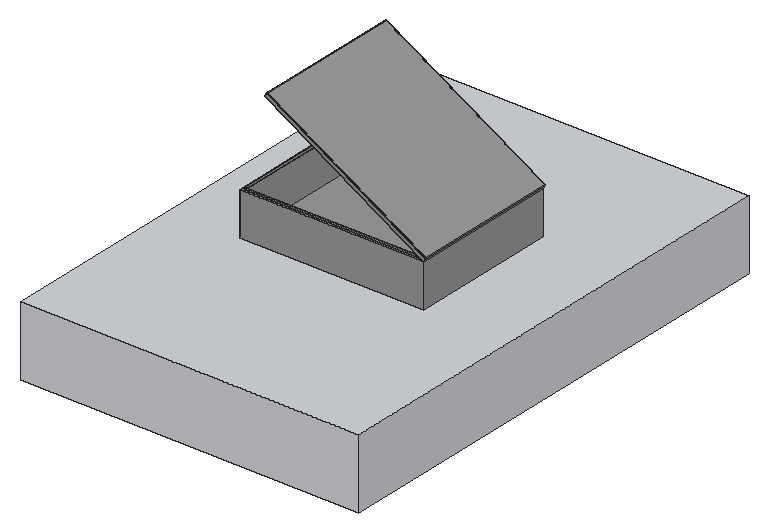
Revit family "Hager-Univers-IP44-D205-H650-Cl.II-Encl-CH-it", category Equipement électrique, Revit 2020
Family settings
  Hôte = Face
  Configuration du panneau = Deux colonnes, circuits au sein
  Cote de connecteur circulaire = Utiliser le diamètre
  Type d'élément = Tableau de raccordement
  Couper avec des vides une fois chargée = Non
  Partagée = Non
  Point de calcul de pièce = Non
Parameters (values of type "A parete IP44 L800 A650 P205  - FP43QS")
  Width Control [instance] = if([EF000008 - Larghezza] > Min Width, [EF000008 - Larghezza], Min Width)  # 800 mm
  Commentaires du type = [HG000003 - Gamma]  # "Univers"
  Thickness Door [instance] = if([EF009171 - spessore materiale porta/coperchio] > 3 mm, 3 mm, [EF009171 - spessore materiale porta/coperchio])  # 1 mm
  Seal Frame Offset [instance] = 17 mm  # constant formula
  Plinth Visibility [instance] = [HG000027 - Altezza dello zoccolo] > 0 mm  # no
  Model = ""
  Min Width [instance] = 100 mm  # constant formula
  Min Height [instance] = 100 mm  # constant formula
  Min Depth [instance] = (2 * [EF009170 - spessore materiale scatola]) + 1 mm  # 3 mm
  Internal Frame Depth [instance] = (Door System Depth * 0.5)  # 9 mm
  Height Control [instance] = if([EF000040 - Altezza] > Min Height, [EF000040 - Altezza], Min Height)  # 650 mm
  HG000027 - Altezza dello zoccolo = 0 mm
  HG000026 - A pavimento = no
  HG000024 - Altezza della sezione inferiore = 800 mm
  HG000023 - Custodia a doppia sezione = no
  HG000016 - Visibilità delle porte nella vista 3D [instance] = yes
  HG000015 - Visibilità attraverso la porta [instance] = no
  HG000014 - Porta destra [instance] = yes
  HG000013 - Porta sinistra [instance] = not([HG000014 - Porta destra])  # no
  HG000012 - Angolo di apertura della porta [instance] = 30.00°
  HG000010 - Porte asimmetriche = no
  HG000009 - Porta doppia a battente = no
  HG000006 - Ad incasso = no
  HG000004 - Codice produttore = "FP43QS"
  HG000003 - Gamma = "Univers"
  HG000002 - Con porta = yes
  Frame Offset Bottom [instance] = 10 mm  # constant formula
  Frame Offset [instance] = 15 mm  # constant formula
  EF015940 - Coprire con rilascio di sovrapressione = no
  EF011959 - tipo di protezione (NEMA) = ""
  EF009554 - numero delle aperture per la piastra della flangia = 6
  Fabricant = "Hager"  # constant formula
  EF009212 - esecuzione coperchio = "EV000116 - chiuso"
  EF009171 - spessore materiale porta/coperchio = 1 mm
  EF009170 - spessore materiale scatola = 1 mm
  EF008873 - corrente nominale (In) = 250 A
  EF007800 - adatto per parafulmine = no
  EF006306 - con serratura = no
  EF006244 - coperchio/porta trasparente = no
  EF005474 - grado di protezione (IP) = "EV006418 - IP44"
  EF004464 - tipo di porta = "EV002646 - singolo"
  EF004427 - numero di moduli = 144
  EF004293 - resistenza agli urti = "EV006815 - IK09"
  EF003532 - adatto per uso esterno = no
  EF002950 - Numero moduli DIN = 36
  EF001613 - Integrità del circuito = "EV000494 - senza"
  EF001596 - Attacco Lampada = "EV000179 - acciaio"
  EF001131 - profondità interna = 143 mm
  EF001088 - possibilità di applicazione = yes
  EF000437 - numero di ingressi per conduttori = 6
  EF000339 - tipo di copertura = "EV001012 - coperchio"
  EF000266 - numero di file = 4
  EF000218 - profondità di incasso = 0 mm
  EF000118 - con piastra di montaggio = no
  EF000116 - numero RAL = "9010"
  EF000049 - profondità = 205 mm
  EF000040 - Altezza = 650 mm
  EF000008 - Larghezza = 800 mm
  EF000007 - colore = "EV000202 - bianco"
  EF000003 - Tipo di montaggio = "EV000384 - A parete"
  Door System Leaf Tolerance [instance] = 1.5 mm  # constant formula
  Door System Depth [instance] = 18 mm  # constant formula
  Door Height [instance] = Height Control - [HG000027 - Altezza dello zoccolo]  # 650 mm
  Depth Control [instance] = if([EF000049 - profondità] > Min Depth, [EF000049 - profondità], Min Depth)  # 205 mm
  Default Elevation = 0 mm
  Connector Offset [instance] = Height Control / 2  # 325 mm
  Bottom Top Plate Trim [instance] = 1.5 mm  # constant formula
  Plinth height Ctrl [instance] = if([HG000027 - Altezza dello zoccolo] > 0 mm, [HG000027 - Altezza dello zoccolo], 12 mm)  # 12 mm
Types (5, lengths in mm): name | Width Control | HG000009 - Porta doppia a battente | HG000004 - Codice produttore | EF009554 - numero delle aperture per la piastra della flangia | EF004464 - tipo di porta | EF004427 - numero di moduli | EF002950 - Numero moduli DIN | EF000437 - numero di ingressi per conduttori | EF000008 - Larghezza
  A parete IP44 L1050 A650 P205  - FP44QS | 1050 | yes | "FP44QS" | 8 | "EV003602 - doppio" | 192 | 48 | 8 | 1050
  A parete IP44 L1300 A650 P205  - FP45QS | 1300 | yes | "FP45QS" | 10 | "EV003602 - doppio" | 240 | 60 | 10 | 1300
  A parete IP44 L300 A650 P205  - FP41QS | 300 | no | "FP41QS" | 2 | "EV002646 - singolo" | 48 | 12 | 2 | 300
  A parete IP44 L550 A650 P205  - FP42QS | 550 | no | "FP42QS" | 4 | "EV002646 - singolo" | 96 | 24 | 4 | 550
  A parete IP44 L800 A650 P205  - FP43QS | 800 | no | "FP43QS" | 6 | "EV002646 - singolo" | 144 | 36 | 6 | 800
Reference planes
  plane 1 "Center (Front/Back)": y = 0
  plane 2: z = 0
  plane 3 "Center (Left/Right)": x = 0
  plane 4: z = 205
  plane 5: y = 1
  plane 6: y = 325
  plane 7: y = 0
  plane 8: y = 650
  plane 9: z = 0
  plane 10: x = -385
  plane 11: x = 385
  plane 12: x = 384
  plane 13: x = -384
  plane 14: y = 649
  plane 15: x = -383
  plane 16: x = -400
  plane 17: x = 383
  plane 18: x = 400
  plane 19: x = 399
  plane 20: x = -399
  plane 21: y = 11
  plane 22: y = 650
  plane 23: y = 634
  plane 24: z = 187
  plane 25: z = 1
  plane 26: z = 186
  plane 27: z = 204
Forms (mm)
  Extrusion 1, solid
    sketch origin (0, 0, 0) x (1, 0, 0) y (0, 1, 0)
      loop
        line (-702.964, 1305) -> (-702.964, -811.445) -> (766.763, -811.445) -> (766.763, 1305) -> (-702.964, 1305)
    from 0 to -304.8
  Extrusion 2, solid, material "Hager_Steel_RAL7035_Light_Grey", visible <- "Plinth Visibility", detail levels medium+fine
    sketch origin (0, 0, 0) x (1, 0, 0) y (0, 1, 0)
      loop
        line (-400, 0) -> (400, 0) -> (400, 12) -> (-400, 12) -> (-400, 0)
    from 0 to 187
  Extrusion 3, solid, material "Hager_Steel_RAL7035_Light_Grey", detail levels medium+fine
    sketch origin (0, 0, 0) x (1, 0, 0) y (0, 1, 0)
      loop
        line (-400, 0) -> (400, 0) -> (400, 650) -> (-400, 650) -> (-400, 0)
    from 0 to 187
  Extrusion 4, void
    sketch origin (0, 0, 0) x (1, 0, 0) y (0, 1, 0)
      loop
        line (-399, 1) -> (399, 1) -> (399, 649) -> (-399, 649) -> (-399, 1)
    from 1 to 186
  Extrusion 5, void
    sketch origin (-381.607, -4572, 187) x (0, -1, 0) y (-1, 0, 0)
      loop
        line (-4583, 2.393) -> (-5206, 2.393) -> (-5206, -765.607) -> (-4583, -765.607) -> (-4583, 2.393)
    from 0 to 1 <- "EF009170 - spessore materiale scatola"
  Extrusion 6, solid, material "Hager_Steel_RAL7035_Light_Grey", detail levels fine
    sketch origin (0, 0, 187) x (1, 0, 0) y (0, 1, 0)
      loop
        line (-384, 634) -> (-384, 11) -> (384, 11) -> (384, 634) -> (-384, 634)
      loop
        line (-385, 10) -> (385, 10) -> (385, 635) -> (-385, 635) -> (-385, 10)
    from 0 to 9 <- "Internal Frame Depth"
  Extrusion 7, solid, material "Hager_Steel_RAL7035_Light_Grey", detail levels coarse
    sketch origin (0, 0, 0) x (1, 0, 0) y (0, 1, 0)
      loop
        line (-400, 0) -> (400, 0) -> (400, 650) -> (-400, 650) -> (-400, 0)
    from 0 to 205
  Sweep 8, void
    path in 3D
      loop
        line (-400, 12, 0) -> (400, 12, 0) -> (400, 12, 187) -> (-400, 12, 187) -> (-400, 12, 0)
    profile origin (-400, 12, 93.5) x (-1, 0, 0) y (0, -1, 0)
      loop
        line (0, 0) -> (0, 1.5) -> (-1.5, 1.5)
        arc (-1.5, 1.5) -> (-1.061, 0.439) -> (0, 0) r 1.5
Cuts and joins
  Extrusion 4, Extrusion 5 cuts Extrusion 3
  Sweep 8 cuts Extrusion 2
Lines and regions (mm)
  Masking region 1
    outline origin (0, 0, 0) x (1, 0, 0) y (0, 0, 1)
      loop
        line (-400, 205) -> (-400, 0) -> (400, 0) -> (400, 205) -> (-400, 205)
  Masking region 2, detail levels medium+fine
    outline origin (0, 140, 0) x (0, 1, 0) y (0, 0, 1)
      loop
        line (-140, 0) -> (510, 0) -> (510, 187) -> (-140, 187) -> (-140, 0)
  Masking region 3, not visible, detail levels medium+fine
    outline origin (0, 297.922, 0) x (0, 1, 0) y (0, 0, 1)
      loop
        line (38.578, 0) -> (78.578, 0) -> (78.578, 194)
        arc (78.578, 194) -> (75.649, 201.071) -> (68.578, 204) r 10
        line (68.578, 204) -> (38.578, 204) -> (38.578, 0)
  Masking region 4, detail levels coarse
    outline origin (0, 0, 180) x (0, 1, 0) y (0, 0, 1)
      loop
        line (0, -180) -> (650, -180) -> (650, 25) -> (0, 25) -> (0, -180)
  Masking region 5, visible <- "Plinth Visibility", detail levels medium+fine
    outline origin (0, 52.24, 12.345) x (0, 0, -1) y (0, 1, 0)
      loop
        line (10.845, -40.24) -> (-173.155, -40.24)
        arc (-173.155, -40.24) -> (-173.594, -41.301) -> (-174.655, -41.74) r 1.5
        line (-174.655, -41.74) -> (-174.655, -52.24) -> (12.345, -52.24) -> (12.345, -41.74)
        arc (12.345, -41.74) -> (11.285, -41.301) -> (10.845, -40.24) r 1.5
  Masking region 6, detail levels medium+fine
    outline origin (-381.607, -4572, 187) x (-1, 0, 0) y (0, -1, 0)
      loop
        line (18.393, -5222) -> (18.393, -4572) -> (-781.607, -4572) -> (-781.607, -5222) -> (18.393, -5222)
  Masking region 7, visible <- "Plinth Visibility", detail levels medium+fine
    outline origin (-381.607, -4727, 187) x (-1, 0, 0) y (0, -1, 0)
      loop
        arc (16.893, -4739) -> (17.332, -4737.939) -> (18.393, -4737.5) r 1.5
        line (18.393, -4737.5) -> (18.393, -4727) -> (-781.607, -4727) -> (-781.607, -4737.5)
        arc (-781.607, -4737.5) -> (-780.546, -4737.939) -> (-780.107, -4739) r 1.5
        line (-780.107, -4739) -> (16.893, -4739)
  Masking region 8, detail levels coarse
    outline origin (-442.548, -4669.526, 187) x (-1, 0, 0) y (0, -1, 0)
      loop
        line (-42.548, -5319.526) -> (-42.548, -4669.526) -> (-842.548, -4669.526) -> (-842.548, -5319.526) -> (-42.548, -5319.526)
  sketch lines
    curve 1: line (-400, 12, 187) -> (-400, 12, 0)
    curve 2: line (400, 12, 187) -> (-400, 12, 187)
    curve 3: line (400, 12, 187) -> (400, 12, 0)
    curve 4: line (-400, 12, 0) -> (400, 12, 0)
Dimensions and locks
  "Depth Control": plane 4 to Extrusion 1
  "HG000027 - Altezza dello zoccolo": plane 1 "Center (Front/Back)" to plane 7
  "EF009170 - spessore materiale scatola": plane 5 to plane 7
  locked: connector elem to plane 3 "Center (Left/Right)"
  equal spacing: plane 8, plane 6, plane 7
  locked: connector elem to plane 6
  "EF009170 - spessore materiale scatola": plane 8 to plane 14
  "EF009170 - spessore materiale scatola": plane 10 to plane 13
  "EF009170 - spessore materiale scatola": plane 12 to plane 11
  "Frame Offset": plane 20 to plane 13
  "Frame Offset": plane 12 to plane 19
  "EF009170 - spessore materiale scatola": plane 16 to plane 20
  "EF009170 - spessore materiale scatola": plane 19 to plane 18
  "Seal Frame Offset": plane 16 to plane 15
  "Seal Frame Offset": plane 17 to plane 18
  "Frame Offset Bottom": plane 21 to plane 5
  "Frame Offset": plane 14 to plane 23
  equal spacing: plane 16, plane 3 "Center (Left/Right)", plane 18
  "Width Control": plane 16 to plane 18
  "EF009170 - spessore materiale scatola": plane 4 to plane 27
  "EF009170 - spessore materiale scatola": plane 24 to plane 26
  "EF009170 - spessore materiale scatola": plane 25 to level
  "Door System Depth": plane 4 to plane 24
  "Height Control": plane 1 "Center (Front/Back)" to Extrusion 7 sketch curve
  "Height Control": Masking region 4 sketch curve to plane 1 "Center (Front/Back)"
  "Height Control": plane 1 "Center (Front/Back)" to plane 22
  "Bottom Top Plate Trim": profile plane to Sweep 8 sketch curve
  "Bottom Top Plate Trim": Sweep 8 sketch curve to profile plane
  "Plinth height Ctrl": plane 1 "Center (Front/Back)" to Extrusion 2 sketch curve
  "Plinth height Ctrl": Masking region 5 sketch curve to plane 1 "Center (Front/Back)"
  "Plinth height Ctrl": plane 1 "Center (Front/Back)" to Masking region 7 sketch curve
  "Thickness Door": Extrusion 6 sketch curve to Extrusion 6 sketch curve  (x3)
  "Thickness Door": cut or joined group of Extrusion 3, Extrusion 4, Extrusion 5 to Extrusion 6 sketch curve
  radius of Masking region 3 sketch curve = 10 mm
  "Bottom Top Plate Trim": radius of Masking region 5 sketch curve  (x2)
  "Bottom Top Plate Trim": radius of Sweep 8 sketch curve
  "Bottom Top Plate Trim": radius of Masking region 7 sketch curve  (x2)
  aligned and locked: plane 2 to Extrusion 1
  aligned and locked: level to Extrusion 1
  aligned and locked: level to Masking region 1 sketch curve
  aligned and locked: Masking region 1 sketch curve to plane 18
  aligned and locked: Masking region 1 sketch curve to plane 16
  aligned and locked: plane 7 to Masking region 2 sketch curve
  aligned and locked: level to Masking region 3 sketch curve
  aligned and locked: Masking region 3 sketch curve to plane 27
  aligned and locked: level to Masking region 2 sketch curve
  aligned and locked: plane 1 "Center (Front/Back)" to Extrusion 2 sketch curve
  aligned and locked: Extrusion 3 sketch curve to plane 7
  aligned and locked: plane 16 to Extrusion 3 sketch curve
  aligned and locked: plane 18 to Extrusion 3 sketch curve
  aligned and locked: plane 20 to Extrusion 4 sketch curve
  aligned and locked: plane 19 to Extrusion 4 sketch curve
  aligned and locked: Extrusion 4 sketch curve to plane 5
  aligned and locked: Extrusion 4 to plane 25
  aligned and locked: plane 26 to Extrusion 4
  aligned and locked: plane 24 to Extrusion 3
  aligned and locked: Extrusion 5 sketch curve to plane 21
  aligned and locked: Extrusion 5 sketch curve to plane 13
  aligned and locked: Extrusion 5 sketch curve to plane 12
  aligned and locked: plane 18 to Extrusion 7 sketch curve
  aligned and locked: plane 1 "Center (Front/Back)" to Extrusion 7 sketch curve
  aligned and locked: plane 16 to Extrusion 7 sketch curve
  aligned and locked: plane 4 to Extrusion 7
  aligned and locked: Extrusion 7 to level
  aligned and locked: level to Masking region 4 sketch curve
  aligned and locked: Masking region 4 sketch curve to plane 1 "Center (Front/Back)"
  aligned and locked: Masking region 4 sketch curve to plane 4
  aligned and locked: nested 1 to level
  aligned and locked: nested 1 to plane 16
  aligned and locked: plane 8 to Extrusion 3 sketch curve
  aligned and locked: plane 23 to Extrusion 5 sketch curve
  aligned and locked: plane 14 to Extrusion 4 sketch curve
  aligned and locked: Masking region 2 sketch curve to plane 8
  aligned and locked: level to Masking region 5 sketch curve
  aligned and locked: plane 16 to Extrusion 2 sketch curve
  aligned and locked: plane 18 to Extrusion 2 sketch curve
  aligned and locked: Masking region 5 sketch curve to plane 24
  aligned and locked: Masking region 2 sketch curve to plane 24
  aligned and locked: plane 24 to Extrusion 2
  aligned and locked: profile plane to Sweep 8 sketch curve  (x2)
  aligned and locked: Masking region 6 sketch curve to plane 18
  aligned and locked: Masking region 6 sketch curve to plane 22
  aligned and locked: Masking region 6 sketch curve to plane 16
  aligned and locked: plane 8 to plane 22
  aligned and locked: Masking region 6 sketch curve to plane 7
  aligned and locked: Masking region 7 sketch curve to plane 16
  aligned and locked: Masking region 7 sketch curve to plane 1 "Center (Front/Back)"
  aligned and locked: Masking region 7 sketch curve to plane 18
  aligned and locked: Masking region 8 sketch curve to plane 1 "Center (Front/Back)"
  aligned and locked: Masking region 8 sketch curve to plane 18
  aligned and locked: Masking region 8 sketch curve to plane 22
  aligned and locked: Masking region 8 sketch curve to plane 16
  aligned and locked: nested 2 to plane 7
  aligned and locked: plane 3 "Center (Left/Right)" to nested 2
  aligned and locked: nested 2 to plane 24
  aligned and locked: Extrusion 6 sketch curve to cut or joined group of Extrusion 3, Extrusion 4, Extrusion 5  (x4)
Automatic sketch dimensions
  Extrusion 1 sketch curve to Extrusion 1 sketch curve = 1469.727 mm
  Extrusion 1 sketch curve to Extrusion 1 sketch curve = 2116.445 mm
  Masking region 1 sketch curve to plane 4 = 0 mm
  plane 6 to Masking region 3 sketch curve = 11.5 mm
  Masking region 3 sketch curve to Masking region 3 sketch curve = 30 mm
  Masking region 5 sketch curve to plane 1 "Center (Front/Back)" = 0 mm
Nested families
  nested 1: "Hager_Enclosure_Symbol" at (-400, 0, 0) x (1, 0, 0) z (0, -1, 0), Height <- "Depth Control", Width <- "Width Control", type "Hager_Enclosure_Symbol"
    with Width_Ctrl 800 mm, Width 800 mm, Height_Ctrl 205 mm, Height 205 mm, A_Width_Int 13.453 mm, A_Width 161.438 mm, A_Height_Ctrl 179.375 mm, A_Height 179.375 mm
  nested 2: "EC000058_Univers_Door" at (0, 0, 187) x (1, 0, 0) z (0, 1, 0), Leaf_Tolerance <- "Door System Leaf Tolerance", Angle <- "HG000012 - Angolo di apertura della porta", Door_Depth <- "Door System Depth", Door_Left <- "HG000013 - Porta sinistra", Transparent <- "EF006244 - coperchio/porta trasparente", Assymetrical <- "HG000010 - Porte asimmetriche", Width <- "Width Control", Clearance <- "HG000015 - Visibilità attraverso la porta", Double <- "HG000009 - Porta doppia a battente", 3d_Door <- "HG000016 - Visibilità delle porte nella vista 3D", Lock_Visibility <- "EF006306 - con serratura", Width_Ctrl <- "Width Control", Door_Right <- "HG000014 - Porta destra", Door <- "HG000002 - Con porta", Height <- "Door Height", Thickness <- "Thickness Door", type "EC000058_Univers_Door", detail levels medium+fine
    with min_wh 3 mm, Width_Ctrl 800 mm, Width 800 mm, Transparent no, Thickness 1 mm, Seal_Material Hager_Rubber, Lock_Visibility no, Lock_Material Hager_Plastic_RAL9005_Jet_Black, Leaf_Width 800 mm, Leaf_Tolerance_External_Sides 0 mm, Leaf_Tolerance 1.5 mm, Leaf_Offset 0 mm, Leaf_Height 647 mm, Leaf_2_Width 800 mm, Leaf_2_Offset 400 mm, Leaf_1_Width 800 mm, Leaf_1_Offset 400 mm, Height_Ctrl 650 mm, Height 650 mm, Glass_Material Hager_Glass, Double_Clearance_Ctrl no, Double no, Door_Right_Ctrl yes, Door_Right yes, Door_Material Hager_Steel_RAL7035_Light_Grey, Door_Left_Ctrl no, Door_Left no, Door_Depth 18 mm, Door yes, Clearance_Material Hager_Clearance, Clearance_Depth 800 mm, Clearance_Ctrl no, Clearance no, Assymetrical no, Angle 30.00°, 3d_Door yes
Connectors
  electrical at (0, 325, 0)
    settings: on plane 9, index 1, voltage 0 V, apparent load 0 VA, apparent load phase1 0 VA, apparent load phase2 0 VA, apparent load phase3 0 VA, power factor 1, load classification "Other", number of poles 1, system type 30, power factor state 1, is connector primary yes, connector utility no, sub classification motor no, connector description ""
Definition of nested family "EC000058_Univers_Door"
  Parameters (values of type "EC000058_Univers_Door")
    min_wh [instance] = (2 * Thickness) + 1 mm  # 11 mm
    Width_Ctrl [instance] = 400 mm
    Width [instance] = 500 mm
    Transparent [instance] = yes
    Thickness [instance] = 5 mm
    Seal_Material [instance] = none
    Lock_Visibility [instance] = yes
    Lock_Material [instance] = none
    Leaf_Width [instance] = if((Width_Ctrl - 2 * Leaf_Tolerance_External_Sides) > 0 mm, (Width_Ctrl - 2 * Leaf_Tolerance_External_Sides), min_wh)  # 400 mm
    Leaf_Tolerance_External_Sides [instance] = 0 mm  # constant formula
    Leaf_Tolerance [instance] = 1.5 mm
    Leaf_Offset [instance] = 0 mm  # constant formula
    Leaf_Height [instance] = if((Height_Ctrl - 2 * Leaf_Tolerance) > 0 mm, (Height_Ctrl - 2 * Leaf_Tolerance), min_wh)  # 497 mm
    Leaf_2_Width [instance] = if(and(and(Double, Assymetrical), Door_Left), (Leaf_Width / 3) - (Leaf_Tolerance / 2), if(and(and(Double, Assymetrical), Door_Right), (Leaf_Width / 3) * 2 - (Leaf_Tolerance / 2), if(and(Double, not(Assymetrical)), (Leaf_Width / 2) - Leaf_Tolerance, Leaf_Width)))  # 400 mm
    Leaf_2_Offset [instance] = if(and(Double, Assymetrical), Leaf_2_Width / 2, if(and(Double, not(Assymetrical)), Leaf_Width / 4, Leaf_Width / 2))  # 200 mm
    Leaf_1_Width [instance] = if(and(and(Double, Assymetrical), Door_Right), (Leaf_Width / 3) - (Leaf_Tolerance / 2), if(and(and(Double, Assymetrical), Door_Left), (Width / 3) * 2 - (Leaf_Tolerance / 2), if(and(Double, not(Assymetrical)), (Leaf_Width / 2) - Leaf_Tolerance, Leaf_Width)))  # 400 mm
    Leaf_1_Offset [instance] = if(and(Double, Assymetrical), Leaf_1_Width / 2, if(and(Double, not(Assymetrical)), Leaf_Width / 4, Leaf_Width / 2))  # 200 mm
    Height_Ctrl [instance] = if(Height > min_wh, Height, min_wh)  # 500 mm
    Height [instance] = 500 mm
    Glass_Material [instance] = none
    Double_Clearance_Ctrl [instance] = and(Double, Clearance)  # no
    Double [instance] = no
    Door_Right_Ctrl [instance] = and(or(Door_Right, Double), Door)  # yes
    Door_Right [instance] = yes
    Door_Material [instance] = none
    Door_Left_Ctrl [instance] = and(or(Door_Left, Double), Door)  # no
    Door_Left [instance] = no
    Door_Depth [instance] = 30 mm
    Door [instance] = yes
    Default Elevation = 1219.2 mm
    Clearance_Material [instance] = none
    Clearance_Depth [instance] = if(Leaf_1_Width > Leaf_2_Width, Leaf_1_Width, Leaf_2_Width)  # 400 mm
    Clearance_Ctrl [instance] = and(not(Double), Clearance)  # yes
    Clearance [instance] = yes
    Assymetrical [instance] = yes
    Angle [instance] = 30.00°
    3d_Door [instance] = yes
  Reference planes
    plane 1 "Center (Front/Back)": y = 0
    plane 2 "Bottom": z = 0
    plane 3 "Center (Left/Right)": x = 0
    plane 4: z = 500
    plane 5: x = -200
    plane 6: x = 200
    plane 7: z = 500
    plane 8: x = -200
    plane 9: z = 0
    plane 10: x = 200
    plane 11: y = 0
    plane 12: z = 1.5
    plane 13: x = -600
    plane 14: y = -400
    plane 15: x = 600
    plane 16: x = 0
    plane 17: x = 0
    plane 18: x = -200
    plane 19: x = 200
    plane 20: z = 498.5
  Forms (mm)
    Extrusion 1, solid, material <- "Clearance_Material", visible <- "Double_Clearance_Ctrl"
      sketch origin (1200, 0, 0) x (1, 0, 0) y (0, 0, -1)
        loop
          line (-1800, -498.5) -> (-600, -498.5) -> (-600, 0) -> (-1800, 0) -> (-1800, -498.5)
      from 0 to -400
  Dimensions and locks
    equal spacing: plane 5, plane 3 "Center (Left/Right)", plane 6
    "Width_Ctrl": plane 5 to plane 6
    "Leaf_Offset": plane 5 to plane 8
    "Leaf_Offset": plane 6 to plane 10
    "Leaf_Offset": plane 9 to level
    "Leaf_Offset": plane 4 to plane 7
    "Height_Ctrl": plane 4 to level
    "Leaf_Tolerance": plane 12 to plane 9
    locked: plane 11 to plane 1 "Center (Front/Back)"
    "Leaf_1_Offset": plane 18 to plane 16
    "Leaf_2_Offset": plane 17 to plane 19
    "Leaf_1_Width": plane 13 to plane 8
    "Leaf_2_Width": plane 10 to plane 15
    "Clearance_Depth": plane 14 to plane 1 "Center (Front/Back)"
    "Leaf_Tolerance_External_Sides": plane 8 to plane 18
    "Leaf_Tolerance_External_Sides": plane 19 to plane 10
    "Leaf_Tolerance": plane 7 to plane 20
    aligned and locked: level to plane 2 "Bottom"
    aligned and locked: nested 1 to plane 16
    aligned and locked: nested 2 to plane 17
    aligned and locked: Extrusion 1 to plane 13
    aligned and locked: plane 15 to Extrusion 1
    aligned and locked: Extrusion 1 to plane 14
    aligned and locked: plane 12 to nested 1
    aligned and locked: nested 2 to plane 12
    aligned and locked: Extrusion 1 to plane 11
    aligned and locked: plane 20 to Extrusion 1
    aligned and locked: nested 2 to plane 11
    aligned and locked: nested 1 to plane 11
  Automatic sketch dimensions
    Extrusion 1 sketch curve to level = 0 mm
    plane 5 to Extrusion 1 sketch curve = 400 mm
    plane 6 to Extrusion 1 sketch curve = 400 mm
    Extrusion 1 sketch curve to plane 4 = 1.5 mm
  Nested families
    nested 1: "EC000058_Univers_Door_Leaf" at (0, 0, 1.5), Width <- "Leaf_1_Width", visible <- "Door_Left_Ctrl", Leaf_Height <- "Leaf_Height", Angle <- "Angle", 3d_Door <- "3d_Door", Transparent <- "Transparent", Clearance Material <- "Clearance_Material", Clearance <- "Clearance_Ctrl", Door_Material <- "Door_Material", Glass_Material <- "Glass_Material", Door_Depth <- "Door_Depth", Lock_Material <- "Lock_Material", Seal_Material <- "Seal_Material", Lock_Visibility <- "Lock_Visibility", Thickness <- "Thickness", type "EC000058_Univers_Door_Leaf"
      with Width 400 mm, Transparent_Glass_Offset 30 mm, Transparent_Ctrl yes, Transparent yes, Thickness 5 mm, Standard no, Seal_Material none, Seal_D2 8 mm, Seal_D1 1 mm, Offset_Internal_Frame 10 mm, Lock_Width 20 mm, Lock_Visibility_3d yes, Lock_Visibility yes, Lock_Thickness_3 3 mm, Lock_Thickness_2 1 mm, Lock_Thickness_1 3 mm, Lock_Radius_Offset_2 16 mm, Lock_Radius_Offset_1 15 mm, Lock_Radius_2 5 mm, Lock_Radius 6 mm, Lock_Offset 5 mm, Lock_Material none, Lock_Height 80 mm, Lock_Cover_Top_Offset_2d 17 mm, Lock_Cover_Height -65 mm, Leaf_Height 497 mm, Internal_Seal_Thickness 8 mm, Internal_Seal_Depth_2 4.5 mm, Internal_Frame_Depth 25 mm, Glass_Thickness -1 mm, Glass_Offset -2 mm, Glass_Material none, Door_Material none, Door_Depth 30 mm, Clearance Material none, Clearance yes, Angle_Ctrl 30.00°, Angle 30.00°, 3d_Door yes
    nested 2: "EC000058_Univers_Door_Leaf" at (0, 0, 1.5) x (-1, 0, 0) z (0, 0, 1), Width <- "Leaf_2_Width", visible <- "Door_Right_Ctrl", Leaf_Height <- "Leaf_Height", Angle <- "Angle", 3d_Door <- "3d_Door", Transparent <- "Transparent", Clearance Material <- "Clearance_Material", Clearance <- "Clearance_Ctrl", Door_Material <- "Door_Material", Glass_Material <- "Glass_Material", Door_Depth <- "Door_Depth", Lock_Material <- "Lock_Material", Seal_Material <- "Seal_Material", Lock_Visibility <- "Lock_Visibility", Thickness <- "Thickness", type "EC000058_Univers_Door_Leaf"
      with Width 400 mm, Transparent_Glass_Offset 30 mm, Transparent_Ctrl yes, Transparent yes, Thickness 5 mm, Standard no, Seal_Material none, Seal_D2 8 mm, Seal_D1 1 mm, Offset_Internal_Frame 10 mm, Lock_Width 20 mm, Lock_Visibility_3d yes, Lock_Visibility yes, Lock_Thickness_3 3 mm, Lock_Thickness_2 1 mm, Lock_Thickness_1 3 mm, Lock_Radius_Offset_2 16 mm, Lock_Radius_Offset_1 15 mm, Lock_Radius_2 5 mm, Lock_Radius 6 mm, Lock_Offset 5 mm, Lock_Material none, Lock_Height 80 mm, Lock_Cover_Top_Offset_2d 17 mm, Lock_Cover_Height -65 mm, Leaf_Height 497 mm, Internal_Seal_Thickness 8 mm, Internal_Seal_Depth_2 4.5 mm, Internal_Frame_Depth 25 mm, Glass_Thickness -1 mm, Glass_Offset -2 mm, Glass_Material none, Door_Material none, Door_Depth 30 mm, Clearance Material none, Clearance yes, Angle_Ctrl 30.00°, Angle 30.00°, 3d_Door yes
  Definition of nested family "EC000058_Univers_Door_Leaf"
    Parameters (values of type "EC000058_Univers_Door_Leaf")
      Width [instance] = 2000 mm
      Transparent_Glass_Offset [instance] = 30 mm
      Transparent_Ctrl [instance] = and(Transparent, [3d_Door])  # yes
      Transparent [instance] = yes
      Thickness [instance] = 5 mm
      Standard [instance] = and(not(Transparent), [3d_Door])  # no
      Seal_Material [instance] = none
      Seal_D2 [instance] = 8 mm  # constant formula
      Seal_D1 [instance] = 1 mm  # constant formula
      Offset_Internal_Frame [instance] = 10 mm  # constant formula
      Lock_Width [instance] = 20 mm  # constant formula
      Lock_Visibility_3d [instance] = and(Lock_Visibility, [3d_Door])  # yes
      Lock_Visibility [instance] = yes
      Lock_Thickness_3 [instance] = 3 mm  # constant formula
      Lock_Thickness_2 [instance] = 1 mm  # constant formula
      Lock_Thickness_1 [instance] = 3 mm  # constant formula
      Lock_Radius_Offset_2 [instance] = Lock_Radius_Offset_1 + 1 mm  # 16 mm
      Lock_Radius_Offset_1 [instance] = 15 mm  # constant formula
      Lock_Radius_2 [instance] = Lock_Radius - 1 mm  # 5 mm
      Lock_Radius [instance] = 6 mm  # constant formula
      Lock_Offset [instance] = 5 mm  # constant formula
      Lock_Material [instance] = none
      Lock_Height [instance] = 80 mm  # constant formula
      Lock_Cover_Top_Offset_2d [instance] = Lock_Radius_Offset_2 + 1 mm  # 17 mm
      Lock_Cover_Height [instance] = -(Lock_Height - Lock_Radius_Offset_1)  # -65 mm
      Leaf_Height [instance] = 2720.336 mm
      Internal_Seal_Thickness [instance] = 8 mm  # constant formula
      Internal_Seal_Depth_2 [instance] = 4.5 mm  # constant formula
      Internal_Frame_Depth [instance] = if(Door_Depth - Thickness > 5 mm, Door_Depth - Thickness, 5 mm)  # 25 mm
      Glass_Thickness [instance] = if(Thickness > 15 mm, Glass_Offset + 10 mm, -1 mm)  # -1 mm
      Glass_Offset [instance] = if(Thickness > 15 mm, -(Thickness + 10 mm) / 2, -2 mm)  # -2 mm
      Glass_Material [instance] = none
      Door_Material [instance] = none
      Door_Depth [instance] = 30 mm
      Default Elevation = 0 mm
      Clearance Material [instance] = none
      Clearance [instance] = yes
      Angle_Ctrl [instance] = if(Angle > 180.00°, 180.00°, Angle)  # 90.00°
      Angle [instance] = 90.00°
      3d_Door [instance] = yes
    Reference planes
      plane 1 "Center (Front/Back)": y = 0
      plane 2: z = 0
      plane 3 "Center (Left/Right)": x = 0
      plane 4: y = 2000
      plane 5: x = -1000
      plane 6: x = 1000
      plane 7: x = -3000
      plane 8: z = 2720.336
      plane 9: z = 30
      plane 10: z = 2690.336
      plane 11: x = 970
      plane 12: x = -970
      plane 13: y = -3
      plane 14: z = 107.833
      plane 15: y = -5
      plane 16: y = -223.314
      plane 17: x = -1000
      plane 18: z = 1360.168
      plane 19: y = 30
    Forms (mm)
      Extrusion 1, solid, material <- "Clearance Material", visible <- "Clearance"
        sketch origin (0, 0, 0) x (1, 0, 0) y (0, 0, 1)
          loop
            line (-3000, 2720.336) -> (-3000, 0) -> (1000, 0) -> (1000, 2720.336) -> (-3000, 2720.336)
        from 0 to -2000
      Extrusion 2, solid, material <- "Door_Material", visible <- "Standard", detail levels medium+fine
        sketch origin (-1000, 0, 0) x (0, 1, 0) y (-1, 0, 0)
          loop
            line (0, 30) -> (0, 25) -> (2000, 25) -> (2000, 30) -> (0, 30)
        from 0 to 2720.336 <- "Leaf_Height"
      Extrusion 3, solid, material <- "Door_Material", visible <- "Transparent_Ctrl", detail levels medium+fine
        sketch origin (-1000, 0, 0) x (0, 1, 0) y (-1, 0, 0)
          loop
            line (0, 25) -> (2000, 25) -> (2000, 30) -> (0, 30) -> (0, 25)
        from 0 to 2720.336 <- "Leaf_Height"
      Extrusion 4, void
        sketch origin (-1025, 2000, 0) x (0, 1, 0) y (0, 0, -1)
          loop
            line (-30, -2690.336) -> (-30, -30) -> (-1970, -30) -> (-1970, -2690.336) -> (-30, -2690.336)
        from 0 to 5 <- "Thickness"
      Sweep 5, solid, material <- "Seal_Material", visible <- "Transparent_Ctrl", detail levels fine
        path in 3D
          loop
            line (-1025, 30, 30) -> (-1025, 30, 2690.336) -> (-1025, 1970, 2690.336) -> (-1025, 1970, 30) -> (-1025, 30, 30)
        profile origin (-1025, 1000, 30) x (1, 0, 0) y (0, 0, 1)
          loop
            line (0, 0) -> (0, -8) -> (1, -8) -> (1, 0) -> (0, 0)
      Extrusion 6, solid, material <- "Glass_Material", visible <- "Transparent_Ctrl", detail levels medium+fine
        sketch origin (-1030, 0, 0) x (0, 1, 0) y (0, 0, -1)
          loop
            line (1970, -2690.336) -> (1970, -30) -> (30, -30) -> (30, -2690.336) -> (1970, -2690.336)
        from -2 <- "Glass_Offset" to -1 <- "Glass_Thickness"
      Extrusion 7, solid, material <- "Door_Material", visible <- "3d_Door", detail levels medium+fine
        sketch origin (-1025, 2000, 0) x (0, -1, 0) y (0, 0, -1)
          loop
            line (0, -2720.336) -> (2000, -2720.336) -> (2000, 0) -> (0, 0) -> (0, -2720.336)
          loop
            line (1995, -5) -> (5, -5) -> (5, -2715.336) -> (1995, -2715.336) -> (1995, -5)
        from 0 to 25 <- "Internal_Frame_Depth"
      Sweep 8, solid, material <- "Seal_Material", visible <- "Transparent_Ctrl", detail levels fine
        path in 3D
          loop
            line (-1025, 0, 0) -> (-1025, 2000, 0) -> (-1025, 2000, 2720.336) -> (-1025, 0, 2720.336) -> (-1025, 0, 0)
        profile origin (-1025, 0, 1360.168) x (1, 0, 0) y (0, 1, 0)
          loop
            line (0, 10) -> (2.975, 10)
            arc (2.975, 10) -> (4.053, 10.447) -> (4.5, 11.525) r 1.525
            line (4.5, 11.525) -> (4.5, 16.527)
            arc (4.5, 16.527) -> (4.069, 17.569) -> (3.027, 18) r 1.473
            line (3.027, 18) -> (0, 18) -> (0, 10)
      Extrusion 9, solid, material <- "Lock_Material", visible <- "Lock_Visibility_3d", detail levels fine
        sketch origin (-1030, 0, 0) x (0, 1, 0) y (0, 0, -1)
          loop
            arc (1993.5, -1400.168) -> (1994.561, -1399.729) -> (1995, -1398.668) r 1.5
            line (1995, -1398.668) -> (1995, -1320.168) -> (1975, -1320.168) -> (1975, -1398.668)
            arc (1975, -1398.668) -> (1975.439, -1399.729) -> (1976.5, -1400.168) r 1.5
            line (1976.5, -1400.168) -> (1993.5, -1400.168)
        from 3 <- "Lock_Thickness_1" to 0
      Blend 10, solid, material <- "Lock_Material", visible <- "Lock_Visibility_3d", detail levels fine
        base sketch origin (-1033, 0, 0) x (0, 1, 0) y (0, 0, -1)
          loop
            line (1975, -1320.168) -> (1975, -1398.668)
            arc (1975, -1398.668) -> (1975.439, -1399.729) -> (1976.5, -1400.168) r 1.5
            line (1976.5, -1400.168) -> (1993.5, -1400.168)
            arc (1993.5, -1400.168) -> (1994.561, -1399.729) -> (1995, -1398.668) r 1.5
            line (1995, -1398.668) -> (1995, -1320.168) -> (1975, -1320.168)
        top sketch origin (-1033, 0, 0) x (0, 1, 0) y (0, 0, -1)
          loop
            line (1976, -1320.168) -> (1976, -1398.668)
            arc (1976, -1398.668) -> (1976.146, -1399.022) -> (1976.5, -1399.168) r 0.5
            line (1976.5, -1399.168) -> (1993.5, -1399.168)
            arc (1993.5, -1399.168) -> (1993.854, -1399.022) -> (1994, -1398.668) r 0.5
            line (1994, -1398.668) -> (1994, -1320.168) -> (1976, -1320.168)
        from 0 to 1 <- "Lock_Thickness_2"
      Blend 11, solid, material <- "Lock_Material", visible <- "Lock_Visibility_3d", detail levels fine
        base sketch origin (-1034, 0, 0) x (0, 1, 0) y (0, 0, -1)
          loop
            line (1978, -1320.168) -> (1978, -1384.168)
            arc (1978, -1384.168) -> (1985, -1391.168) -> (1992, -1384.168) r 7
            line (1992, -1384.168) -> (1992, -1320.168) -> (1978, -1320.168)
        top sketch origin (-1034, 0, 0) x (0, 1, 0) y (0, 0, -1)
          loop
            line (1991, -1320.168) -> (1979, -1320.168) -> (1979, -1383.168)
            arc (1979, -1383.168) -> (1985, -1389.168) -> (1991, -1383.168) r 6
            line (1991, -1383.168) -> (1991, -1320.168)
        from 0 to 3 <- "Lock_Thickness_3"
      Extrusion 12, solid, material <- "Lock_Material", visible <- "Lock_Visibility_3d", detail levels fine
        sketch origin (-1030, 1975, 1320.168) x (1, 0, 0) y (0, -1, 0)
          loop
            line (-7, -19) -> (-7, -1) -> (0, -1) -> (0, 0) -> (-8, 0) -> (-8, -20) -> (0, -20) -> (0, -19) -> (-7, -19)
        from 0 to -65 <- "Lock_Cover_Height"
      Extrusion 13, void
        sketch origin (-1038, 1995, 1320.168) x (-1, 0, 0) y (0, 0, -1)
          loop
            line (-5, -65) -> (0, -65) -> (-5, -60) -> (-5, -65)
        from 0 to 20 <- "Lock_Width"
      Extrusion 14, void
        sketch origin (-1038, 1975, 1320.168) x (0, -1, 0) y (0, 0, -1)
          loop
            circle (-10, -15.995) r 6
          loop
            circle (-10, -15.995) r 5
        from 0 to 2
      Extrusion 15, solid, material <- "Lock_Material", visible <- "Lock_Visibility_3d", detail levels medium
        sketch origin (-1030, 0, 0) x (0, 1, 0) y (0, 0, -1)
          loop
            arc (1993.5, -1400.168) -> (1994.561, -1399.729) -> (1995, -1398.668) r 1.5
            line (1995, -1398.668) -> (1995, -1320.168) -> (1975, -1320.168) -> (1975, -1398.668)
            arc (1975, -1398.668) -> (1975.439, -1399.729) -> (1976.5, -1400.168) r 1.5
            line (1976.5, -1400.168) -> (1993.5, -1400.168)
        from 8 to 0
    Cuts and joins
      Extrusion 4 cuts Extrusion 3
      Extrusion 13, Extrusion 14 cuts Extrusion 9
      Extrusion 14 cuts Blend 11
      Extrusion 13, Extrusion 14 cuts Extrusion 12
      joined: Extrusion 9, Blend 10, Blend 11, Extrusion 12
      Extrusion 14 cuts Extrusion 15
    Lines and regions (mm)
      Masking region 1, visible <- "Lock_Visibility", detail levels fine
        outline origin (0, 0, 0) x (0, 1, 0) y (0, 0, 1)
          loop
            line (30, 1320.168) -> (33, 1320.168) -> (33, 1400.168) -> (30, 1400.168) -> (30, 1320.168)
      Masking region 2, visible <- "Lock_Visibility", detail levels fine
        outline origin (0, 3.143, 0) x (0, 1, 0) y (0, 0, 1)
          loop
            line (29.857, 1354.168) -> (30.857, 1354.168) -> (30.857, 1366.168) -> (29.857, 1366.168) -> (29.857, 1354.168)
      Masking region 3, detail levels medium+fine
        outline origin (0, 0, 0) x (0, 1, 0) y (0, 0, 1)
          loop
            line (0, 0) -> (30, 0) -> (30, 2720.336) -> (0, 2720.336) -> (0, 0)
      Masking region 4, detail levels medium+fine
        outline origin (0, 0, 0) x (1, 0, 0) y (0, 0, 1)
          loop
            line (-1000, 2720.336) -> (-1000, 0) -> (1000, 0) -> (1000, 2720.336) -> (-1000, 2720.336)
      Masking region 5, visible <- "Lock_Visibility", detail levels fine
        outline origin (-47.116, 0, 0) x (1, 0, 0) y (0, 0, 1)
          loop
            arc (1024.616, 1399.168) -> (1023.556, 1398.729) -> (1023.116, 1397.668) r 1.5
            line (1023.116, 1397.668) -> (1023.116, 1320.168) -> (1041.116, 1320.168) -> (1041.116, 1397.668)
            arc (1041.116, 1397.668) -> (1040.677, 1398.729) -> (1039.616, 1399.168) r 1.5
            line (1039.616, 1399.168) -> (1024.616, 1399.168)
      Masking region 6, visible <- "Lock_Visibility", detail levels medium+fine
        outline origin (-25, 0, 0) x (1, 0, 0) y (0, 0, 1)
          loop
            arc (1001.5, 1400.168) -> (1000.439, 1399.729) -> (1000, 1398.668) r 1.5
            line (1000, 1398.668) -> (1000, 1320.168) -> (1020, 1320.168) -> (1020, 1398.668)
            arc (1020, 1398.668) -> (1019.561, 1399.729) -> (1018.5, 1400.168) r 1.5
            line (1018.5, 1400.168) -> (1001.5, 1400.168)
      Masking region 7, visible <- "Lock_Visibility", detail levels fine
        outline origin (-73.735, 0, 0) x (1, 0, 0) y (0, 0, 1)
          loop
            line (1051.735, 1382.168) -> (1065.735, 1382.168) -> (1065.735, 1384.168)
            arc (1065.735, 1384.168) -> (1058.735, 1391.168) -> (1051.735, 1384.168) r 7
            line (1051.735, 1384.168) -> (1051.735, 1382.168)
      Masking region 8, visible <- "Lock_Visibility", detail levels fine
        outline origin (-73.735, 0, 0) x (1, 0, 0) y (0, 0, 1)
          loop
            line (1052.735, 1382.168) -> (1064.735, 1382.168) -> (1064.735, 1383.168)
            arc (1064.735, 1383.168) -> (1058.735, 1389.168) -> (1052.735, 1383.168) r 6
            line (1052.735, 1383.168) -> (1052.735, 1382.168)
      Masking region 9, visible <- "Lock_Visibility", detail levels fine
        outline origin (-25, 0, 0) x (1, 0, 0) y (0, 0, 1)
          loop
            line (1020, 1320.168) -> (1020, 1382.168) -> (1000, 1382.168) -> (1000, 1320.168) -> (1020, 1320.168)
      Masking region 10, detail levels medium+fine
        outline origin (0, 0, 0) x (1, 0, 0) y (0, 0, 1)
          loop
            circle (985, 1335.144) r 6
      Masking region 11, detail levels fine
        outline origin (0, 0, 0) x (1, 0, 0) y (0, 0, 1)
          loop
            circle (985, 1335.144) r 5
      Masking region 12, visible <- "Lock_Visibility", detail levels fine
        outline origin (0, 12.767, 0) x (0, 1, 0) y (0, 0, 1)
          loop
            line (20.233, 1320.168) -> (21.233, 1320.168) -> (21.233, 1399.168) -> (20.233, 1400.168) -> (20.233, 1320.168)
      Masking region 13, visible <- "Lock_Visibility", detail levels fine
        outline origin (0, 13.767, -10) x (0, 1, 0) y (0, 0, 1)
          loop
            line (20.233, 1330.168) -> (23.233, 1330.168) -> (23.233, 1399.168) -> (20.233, 1402.168) -> (20.233, 1330.168)
      Masking region 14, visible <- "Lock_Visibility", detail levels fine
        outline origin (0, 12.767, -10) x (0, 1, 0) y (0, 0, 1)
          loop
            line (20.233, 1330.168) -> (25.233, 1330.168) -> (25.233, 1399.305) -> (20.233, 1394.305) -> (20.233, 1330.168)
      Masking region 15, visible <- "Lock_Visibility", detail levels medium
        outline origin (0, 0, 0) x (0, 1, 0) y (0, 0, 1)
          loop
            line (30, 1320.168) -> (38, 1320.168) -> (38, 1400.168) -> (30, 1400.168) -> (30, 1320.168)
      Masking region 16, visible <- "Lock_Visibility", detail levels fine
        outline origin (-1000, 0, 0) x (0, 1, 0) y (-1, 0, 0)
          loop
            line (1975, 30) -> (1995, 30) -> (1995, 38) -> (1975, 38) -> (1975, 30)
          loop
            line (1979, 37) -> (1976, 37) -> (1976, 34) -> (1978, 34) -> (1979, 37)
          loop
            line (1994, 37) -> (1991, 37) -> (1992, 34) -> (1994, 34) -> (1994, 37)
      Masking region 17, visible <- "Lock_Visibility", detail levels medium
        outline origin (-1000, 0, 0) x (0, 1, 0) y (-1, 0, 0)
          loop
            line (1975, 30) -> (1995, 30) -> (1995, 38) -> (1975, 38) -> (1975, 30)
      symbolic lines
        curve 1: line (1000, 0, 0) -> (-3000, 0, 0)
        curve 2: arc (1000, 0, 0) -> (-1000, 2000, 0) -> (-3000, 0, 0) r 2000
        curve 4: line (-1030, 0, 0) -> (-1030, 2000, 0)
      reference lines
        curve 3: line (-1000, 0, 0) -> (-1000, 2000, 0)
      symbolic lines, detail levels medium+fine
        curve 5: line (-1030, 2000, 0) -> (-1025, 2000, 0)
        curve 7: line (-1025, 0, 0) -> (-1030, 0, 0)
        curve 8: line (-1025, 0, 0) -> (-1000, 0, 0)
        curve 9: line (-1000, 0, 0) -> (-1000, 2000, 0)
        curve 10: line (-1000, 2000, 0) -> (-1025, 2000, 0)
      symbolic lines, detail levels fine
        curve 6: line (-1025, 2000, 0) -> (-1025, 0, 0)
      sketch lines
        curve 11: line (-1025, 0, 2720.336) -> (-1025, 0, 0)
        curve 12: line (-1025, 2000, 0) -> (-1025, 0, 0)
        curve 13: line (-1025, 2000, 2720.336) -> (-1025, 2000, 0)
        curve 14: line (-1025, 0, 2720.336) -> (-1025, 2000, 2720.336)
        curve 15: line (-1025, 1970, 30) -> (-1025, 30, 30)
        curve 16: line (-1025, 30, 30) -> (-1025, 30, 2690.336)
        curve 17: line (-1025, 1970, 2690.336) -> (-1025, 1970, 30)
        curve 18: line (-1025, 30, 2690.336) -> (-1025, 1970, 2690.336)
      symbolic lines, visible <- "Transparent", detail levels medium+fine
        curve 19: line (-970, 0, 2690.336) -> (970, 0, 2690.336)
        curve 20: line (-970, 0, 30) -> (-970, 0, 2690.336)
        curve 21: line (970, 0, 30) -> (-970, 0, 30)
        curve 22: line (970, 0, 2690.336) -> (970, 0, 30)
    Dimensions and locks
      "Width": plane 1 "Center (Front/Back)" to plane 4
      equal spacing: plane 5, plane 3 "Center (Left/Right)", plane 6
      "Width": plane 5 to plane 6
      "Width": plane 7 to plane 5
      "Leaf_Height": plane 8 to level
      "Width": curve 5 to curve 3
      "Width": curve 3 to curve 3
      plane 8 to plane 10 = 30 mm
      plane 9 to level = 30 mm
      plane 12 to plane 5 = 30 mm
      plane 6 to plane 11 = 30 mm
      Extrusion 1 to Extrusion 4 sketch curve = 30 mm
      "Transparent_Glass_Offset": curve 3 to Extrusion 4 sketch curve
      "Transparent_Glass_Offset": Extrusion 4 sketch curve to cut or joined group of Extrusion 3, Extrusion 4  (x2)
      cut or joined group of Extrusion 3, Extrusion 4 to Extrusion 6 sketch curve = 30 mm
      "Transparent_Glass_Offset": cut or joined group of Extrusion 3, Extrusion 4 to Extrusion 4 sketch curve
      "Thickness": curve 6 to curve 4
      "Thickness": Extrusion 7 sketch curve to Extrusion 7 sketch curve  (x4)
      "Door_Depth": curve 4 to curve 3
      "Offset_Internal_Frame": profile plane to Sweep 8 sketch curve
      "Internal_Seal_Thickness": Sweep 8 sketch curve to Sweep 8 sketch curve
      "Internal_Seal_Depth_2": profile plane to Sweep 8 sketch curve
      "Seal_D1": profile plane to Sweep 5 sketch curve
      "Seal_D2": profile plane to Sweep 5 sketch curve
      "Thickness": Extrusion 2 sketch curve to Extrusion 2 sketch curve
      equal spacing: Extrusion 9 sketch curve, plane 18, Extrusion 9 sketch curve  (x2)
      equal spacing: Masking region 1 sketch curve, plane 18, Masking region 1 sketch curve
      "Lock_Height": Masking region 1 sketch curve to Masking region 1 sketch curve
      "Lock_Radius": Masking region 2 sketch curve to plane 18 to Masking region 2 sketch curve
      Masking region 2 sketch curve to Masking region 1 = 1 mm
      "Door_Depth": plane 19 to plane 1 "Center (Front/Back)"
      "Lock_Thickness_1": Masking region 1 sketch curve to plane 19
      "Lock_Width": Extrusion 9 sketch curve to Extrusion 9 sketch curve
      "Lock_Height": Extrusion 9 sketch curve to Extrusion 9 sketch curve
      "Lock_Offset": cut or joined group of Extrusion 3, Extrusion 4 to Extrusion 9 sketch curve
      equal spacing: plane 8, plane 18, level
      "Lock_Radius_Offset_1": Blend 11 sketch curve to Blend 10
      locked: Blend 10 to Blend 11 sketch curve at 2  (x2)
      locked: var sketch to Blend 11 sketch curve at 1  (x2)
      "Lock_Radius_Offset_2": Blend 11 sketch curve to Blend 10
      locked: Extrusion 12 sketch curve to Extrusion 12 sketch curve at 1  (x3)
      Masking region 6 sketch curve to Masking region 6 sketch curve = 80 mm
      "Lock_Height": Masking region 6 sketch curve to Masking region 6 sketch curve
      "Lock_Width": Masking region 6 sketch curve to Masking region 6 sketch curve
      locked: Masking region 6 to Masking region 5 sketch curve at 1  (x3)
      locked: Masking region 5 to Masking region 7 sketch curve at 2  (x2)
      "Lock_Radius_Offset_1": Masking region 5 to Masking region 7 sketch curve
      "Lock_Radius_Offset_2": Masking region 5 to Masking region 8 sketch curve
      locked: Masking region 7 to Masking region 8 sketch curve at 1  (x2)
      "Lock_Cover_Top_Offset_2d": Masking region 5 to Masking region 9 sketch curve
      equal spacing: Masking region 9, Masking region 10 sketch curve, Masking region 9
      equal spacing: Masking region 9, Masking region 11 sketch curve, Masking region 9
      Extrusion 15 sketch curve to Extrusion 15 sketch curve = 80 mm
      "Lock_Width": Extrusion 15 sketch curve to Extrusion 15 sketch curve
      "Lock_Height": Extrusion 15 sketch curve to Extrusion 15 sketch curve
      equal spacing: Extrusion 15 sketch curve, plane 18, Extrusion 15 sketch curve
      "Lock_Thickness_3": Masking region 13 sketch curve to Masking region 13 sketch curve
      "Lock_Height": Masking region 12 sketch curve to Masking region 12 sketch curve
      locked: Masking region 13 sketch curve to Masking region 1 at 8
      locked: Masking region 14 sketch curve to Masking region 13 at 1
      locked: Masking region 14 sketch curve to Masking region 1 at 10.863
      "Lock_Height": Masking region 15 sketch curve to Masking region 15 sketch curve
      "Lock_Offset": Extrusion 15 sketch curve to cut or joined group of Extrusion 3, Extrusion 4
      "Lock_Offset": plane 6 to Masking region 6 sketch curve
      radius of Sweep 8 sketch curve = 1.525 mm
      radius of Sweep 8 sketch curve = 1.473 mm
      radius of Extrusion 9 sketch curve = 1.5 mm  (x2)
      "Lock_Radius": radius of Extrusion 14 sketch curve
      "Lock_Radius_2": radius of Extrusion 14 sketch curve
      "Lock_Radius": radius of Masking region 10 sketch curve
      "Lock_Radius_2": radius of Masking region 11 sketch curve
      radius of Extrusion 15 sketch curve = 1.5 mm  (x2)
      "Angle_Ctrl": angle plane 1 "Center (Front/Back)" to curve 3
      locked: Masking region 12 sketch curve to Masking region 12 sketch curve (angle 45.00°)
      locked: Masking region 13 sketch curve to Masking region 13 sketch curve (angle 45.00°)
      locked: Masking region 14 sketch curve to Masking region 14 sketch curve (angle 45.00°)
      aligned and locked: level to plane 2
      aligned and locked: Extrusion 1 to curve 1
      aligned and locked: plane 6 to Extrusion 1
      aligned and locked: Extrusion 1 to plane 1 "Center (Front/Back)"
      aligned and locked: plane 4 to Extrusion 1
      aligned and locked: plane 8 to Extrusion 1
      aligned and locked: curve 7 to Extrusion 2 sketch curve
      aligned and locked: curve 5 to Extrusion 2 sketch curve
      aligned and locked: curve 7 to Extrusion 3 sketch curve
      aligned and locked: Extrusion 3 sketch curve to curve 4
      aligned and locked: Extrusion 3 sketch curve to curve 6
      aligned and locked: Extrusion 3 sketch curve to curve 5
      aligned and locked: curve 9 to curve 3
      aligned and locked: Extrusion 7 sketch curve to cut or joined group of Extrusion 3, Extrusion 4  (x4)
      aligned and locked: plane 17 to curve 3
      aligned and locked: plane 1 "Center (Front/Back)" to curve 3
      aligned and locked: plane 17 to plane 5
      aligned and locked: Sweep 8 sketch curve to profile plane
      aligned and locked: Sweep 5 sketch curve to profile plane  (x2)
      aligned and locked: Masking region 1 to Masking region 2 sketch curve
      aligned and locked: plane 19 to Masking region 1 sketch curve
      aligned and locked: plane 1 "Center (Front/Back)" to Masking region 3 sketch curve
      aligned and locked: plane 19 to Masking region 3 sketch curve
      aligned and locked: level to Masking region 3 sketch curve
      aligned and locked: Masking region 3 sketch curve to plane 8
      aligned and locked: plane 17 to Masking region 4 sketch curve
      aligned and locked: level to Masking region 4 sketch curve
      aligned and locked: Masking region 4 sketch curve to plane 8
      aligned and locked: plane 12 to curve 20
      aligned and locked: plane 10 to curve 19
      aligned and locked: plane 11 to curve 22
      aligned and locked: curve 21 to plane 9
      aligned and locked: Extrusion 2 sketch curve to cut or joined group of Extrusion 3, Extrusion 4
      aligned and locked: Blend 10 sketch curve to Extrusion 9  (x4)
      aligned and locked: Extrusion 9 to Blend 10 sketch curve
      aligned and locked: Blend 10 to Blend 11 sketch curve
      aligned and locked: Extrusion 12 sketch curve to Blend 11
      aligned and locked: Extrusion 12 sketch curve to Extrusion 9  (x4)
      aligned and locked: Masking region 5 sketch curve to Masking region 6
      aligned and locked: Masking region 9 sketch curve to Masking region 6  (x3)
      aligned and locked: Masking region 12 sketch curve to Masking region 1
      aligned and locked: Masking region 13 sketch curve to Masking region 1
      aligned and locked: Masking region 12 to Masking region 14
      aligned and locked: Masking region 14 sketch curve to Masking region 1
      aligned and locked: Masking region 15 sketch curve to Masking region 14
      aligned and locked: Masking region 13 sketch curve to Masking region 12
      aligned and locked: Masking region 16 sketch curve to cut or joined group of Extrusion 14, Extrusion 15  (x4)
      aligned and locked: Masking region 16 sketch curve to cut or joined group of Extrusion 9, Blend 10, Blend 11, Extrusion 12, Extrusion 13, Extrusion 14  (x6)
      aligned and locked: cut or joined group of Extrusion 9, Blend 10, Blend 11, Extrusion 12, Extrusion 13, Extrusion 14 to Masking region 16 sketch curve
      aligned and locked: Masking region 17 sketch curve to cut or joined group of Extrusion 14, Extrusion 15  (x3)
      aligned and locked: Masking region 17 sketch curve to cut or joined group of Extrusion 9, Blend 10, Blend 11, Extrusion 12, Extrusion 13, Extrusion 14
      aligned and locked: Masking region 9 to Masking region 8 sketch curve
      aligned and locked: Masking region 9 to Masking region 7 sketch curve
    Automatic sketch dimensions
      plane 1 "Center (Front/Back)" to curve 2 = 0 mm
      curve 2 to plane 5 = 0 mm
      Extrusion 1 sketch curve to level = 0 mm
      Extrusion 1 sketch curve to plane 7 = 0 mm
      Extrusion 1 sketch curve to plane 6 = 0 mm
      Extrusion 1 sketch curve to plane 8 = 0 mm
      Extrusion 3 to Extrusion 6 sketch curve = 30 mm  (x4)
      Masking region 4 sketch curve to plane 6 = 0 mm
      Blend 10 sketch curve to Extrusion 9 = 1.5 mm
      Blend 10 sketch curve to Extrusion 9 = 1 mm
      Extrusion 13 sketch curve to Extrusion 12 = 0 mm  (x2)
      Extrusion 12 to Extrusion 13 sketch curve = 3 mm
      Extrusion 13 sketch curve to Extrusion 12 = 5 mm
      Extrusion 14 sketch curve to Extrusion 14 sketch curve = 0 mm  (x2)
      Extrusion 14 sketch curve to Extrusion 12 = 10 mm
      Extrusion 14 sketch curve to Extrusion 12 = 15.995 mm
      Masking region 5 sketch curve to Masking region 5 sketch curve = 1.5 mm  (x2)
      Masking region 10 sketch curve to plane 18 = 25.024 mm
      Masking region 11 sketch curve to plane 18 = 25.024 mm
      plane 19 to Masking region 14 sketch curve = 3 mm
      Masking region 16 sketch curve to Masking region 16 sketch curve = 3 mm
      curve 4 to curve 3 = 0 mm
      Blend 10 to Blend 11 sketch curve = 0 mm
      Masking region 6 sketch curve to Masking region 6 sketch curve = 1.5 mm  (x2)
      Masking region 6 sketch curve to plane 18 = 40 mm
      plane 19 to Masking region 12 sketch curve = 3 mm
      Masking region 12 sketch curve to Masking region 12 sketch curve = 1 mm
      Masking region 15 sketch curve to plane 19 = 0 mm
      Masking region 15 sketch curve to plane 18 = 40 mm
      radius of Blend 10 sketch curve to Extrusion 9 = 1 mm
Definition of nested family "Hager_Enclosure_Symbol"
  Parameters (values of type "Hager_Enclosure_Symbol")
    Width_Ctrl [instance] = if(Width > 1 mm, Width, 1 mm)  # 102.27 mm
    Width [instance] = 102.27 mm
    Height_Ctrl [instance] = if(Height > 1 mm, Height, 1 mm)  # 66.5 mm
    A_Width_Int [instance] = if(A_Width / 12 > 2 mm, A_Width / 12, 2 mm)  # 4.364 mm
    A_Width [instance] = if(A_Height_Ctrl * 0.9 > 2 mm, A_Height_Ctrl * 0.9, 2 mm)  # 52.369 mm
    A_Height_Ctrl [instance] = if(A_Height > 2 mm, A_Height, 2 mm)  # 58.188 mm
    Height [instance] = 66.5 mm
    A_Height [instance] = Height - (Height / 8)  # 58.188 mm
  Reference planes
    plane 1 "Centre (avant/arrière)": y = 0
    plane 2: z = 0
    plane 3 "Centre (gauche/droite)": x = 0
    plane 4: x = 52.369
    plane 5: y = 33.042
    plane 6: y = 41.77
    plane 7: y = 66.5
    plane 8: x = 26.184
    plane 9: y = 37.406
    plane 10: x = 102.27
    plane 11: y = 66.5
    plane 12: y = 8.313
  Lines and regions (mm)
    Filled region 1, type "Solid_Black", in view "Niveau de réf."
      outline origin (0, 0, 0) x (1, 0, 0) y (0, 1, 0)
        loop
          line (52.369, 66.5) -> (33.188, 54.536) -> (45.365, 45.006) -> (52.369, 66.5)
    Filled region 2, type "Solid_Black", in view "Niveau de réf."
      outline origin (0, 0, 0) x (1, 0, 0) y (0, 1, 0)
        loop
          line (0, 0) -> (102.27, 0) -> (102.27, 66.5) -> (0, 0)
    detail lines, in view "Niveau de réf."
      curve 1: line (0, 8.313, 0) -> (26.184, 41.77, 0)
      curve 2: line (26.184, 41.77, 0) -> (26.184, 33.042, 0)
      curve 3: line (26.184, 33.042, 0) -> (52.369, 66.5, 0)
  Dimensions and locks
    "A_Width": plane 3 "Centre (gauche/droite)" to plane 4
    equal spacing: plane 3 "Centre (gauche/droite)", plane 8, plane 4
    equal spacing: plane 6, plane 9, plane 5
    equal spacing: curve 3, Filled region 1 sketch curve, Filled region 1 sketch curve
    "Height_Ctrl": plane 1 "Centre (avant/arrière)" to plane 11
    "A_Height_Ctrl": plane 11 to plane 12
    equal spacing: plane 11, plane 9, plane 12
    "A_Width_Int": plane 6 to plane 9
    "Width_Ctrl": plane 3 "Centre (gauche/droite)" to plane 10
    angle Filled region 1 sketch curve to curve 3 = 20.00°
    angle curve 3 to Filled region 1 sketch curve = 20.00°
    locked: curve 3 to Filled region 1 sketch curve (angle 90.00°)
    aligned and locked: plane 10 to Filled region 2
    aligned and locked: plane 11 to Filled region 2 sketch curve
    aligned and locked: plane 10 to Filled region 2 sketch curve
    aligned and locked: plane 3 "Centre (gauche/droite)" to curve 1
    aligned and locked: plane 12 to curve 1
    aligned and locked: plane 7 to plane 11
  Automatic sketch dimensions
    Filled region 1 sketch curve to plane 4 = 0 mm
    Filled region 1 sketch curve to plane 7 = 0 mm
    plane 1 "Centre (avant/arrière)" to Filled region 2 sketch curve = 0 mm
    Filled region 2 sketch curve to plane 3 "Centre (gauche/droite)" = 0 mm
    curve 2 to plane 6 = 0 mm
    curve 2 to plane 8 = 0 mm
    curve 3 to plane 4 = 0 mm
    curve 2 to plane 5 = 0 mm
    curve 3 to plane 7 = 0 mm
